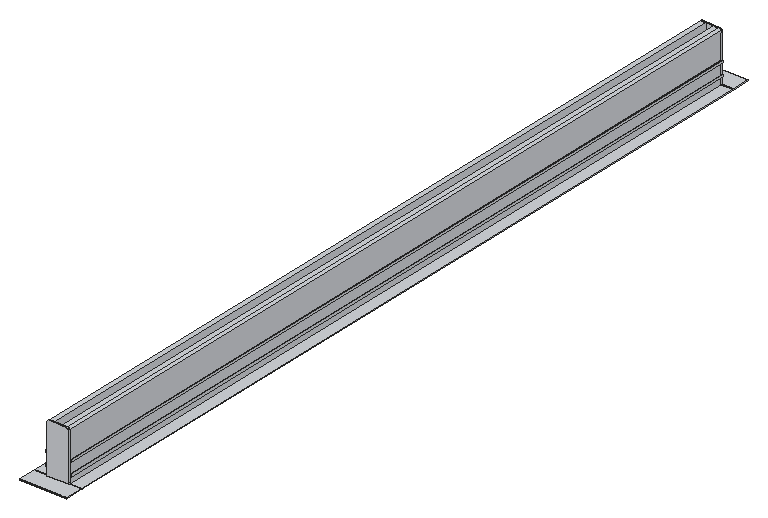
Revit family
Parameters
  URL = "http://www.anemostat.com/"
  Model = "SLAD-FS-75"
  Manufacturer = "Anemostat"
  Length  User Defined = 48"
  Duct Width = 1 9/16"
  Duct Length = Length  User Defined + 1/4"  # 48 1/4"
  C = 2 3/4"
Reference planes (in)
  plane 1 "Center (Front/Back)": y = 0
  plane 2: z = 0
  plane 3 "Center (Left/Right)": x = 0
  plane 4: x = -1.375
  plane 5: x = 1.375
  plane 6: y = -24
  plane 7 "Length": y = -48
  plane 8 "Face": z = -0.05
  plane 9: z = 2.95
  plane 10: x = -0.25
  plane 11: x = 0.25
Forms (in)
  Extrusion 1, solid
    sketch origin (0, 0, 0) x (1, 0, 0) y (0, 0, 1)
      loop
        line (0.53828, 2.95) -> (-0.53828, 2.95) -> (-0.65, 2.83828) -> (-0.65, 1.27628) -> (-0.77, 1.27628) -> (-0.77, 1.16428) -> (-0.72, 1.16428) -> (-0.72, 1.22628) -> (-0.65, 1.22628) -> (-0.65, 0.47128) -> (-0.72, 0.47128) -> (-0.72, 0.53328) -> (-0.77, 0.53328) -> (-0.77, 0.42128) -> (-0.65, 0.42128) -> (-0.65, 0) -> (-1.375, 0) -> (-1.375, -0.05) -> (-0.12528, -0.05) -> (0.37528, -0.05) -> (1.375, -0.05) -> (1.375, 0) -> (0.65, 0) -> (0.65, 0.42128) -> (0.77, 0.42128) -> (0.77, 0.53328) -> (0.72, 0.53328) -> (0.72, 0.47128) -> (0.65, 0.47128) -> (0.65, 1.22628) -> (0.72, 1.22628) -> (0.72, 1.16428) -> (0.77, 1.16428) -> (0.77, 1.27628) -> (0.65, 1.27628) -> (0.65, 2.83828) -> (0.53828, 2.95)
    from 0 to 48 <- "Length  User Defined"
  Extrusion 2, solid
    sketch origin (0, 0, 0) x (1, 0, 0) y (0, 0, 1)
      loop
        line (-0.65, 0) -> (0.65, 0) -> (0.65, 2.83828) -> (0.53828, 2.95) -> (-0.53828, 2.95) -> (-0.65, 2.83828) -> (-0.65, 0)
    from 0 to -0.0625
  Extrusion 3, solid
    sketch origin (0, -48, 0) x (0, 0, 1) y (-1, 0, 0)
      loop
        line (0.05, -0.65) -> (2.83828, -0.65) -> (2.95, -0.53828) -> (2.95, 0.53828) -> (2.83828, 0.65) -> (0, 0.65) -> (0, -0.65) -> (0.05, -0.65)
    from 0 to 0.0625
  Extrusion 4, solid
    sketch origin (0, 0, 0) x (1, 0, 0) y (0, 0, 1)
      loop
        line (-1.375, 0) -> (-1.375, -0.05) -> (1.375, -0.05) -> (1.375, 0) -> (-1.375, 0)
    from 0 to -1.10156
  Extrusion 5, solid
    sketch origin (0, -48, 0) x (0, 0, 1) y (-1, 0, 0)
      loop
        line (0, -1.375) -> (0, 1.375) -> (-0.05, 1.375) -> (-0.05, -1.375) -> (0, -1.375)
    from 0 to 1.10156
  Extrusion 6, void
    sketch origin (0, 0, -0.05) x (-1, 0, 0) y (0, -1, 0)
      loop
        line (0.25, 0) -> (0.25, 48) -> (-0.25, 48) -> (-0.25, 0) -> (0.25, 0)
    from 0 to 3
Cuts and joins
  Extrusion 6 cuts Extrusion 1
  Extrusion 6 cuts Extrusion 2
  Extrusion 6 cuts Extrusion 3
  Extrusion 6 cuts Extrusion 4
  Extrusion 6 cuts Extrusion 5
Dimensions and locks (in)
  equal spacing: plane 5, plane 3 "Center (Left/Right)", plane 4
  "C": plane 5 to plane 4
  equal spacing: plane 1 "Center (Front/Back)", plane 6, plane 7 "Length"
  "Length  User Defined": plane 1 "Center (Front/Back)" to plane 7 "Length"
Automatic sketch dimensions
  Extrusion 4 sketch curve to plane 4 = 0"
  Extrusion 4 sketch curve to plane 5 = 0"
  Extrusion 4 sketch curve to plane 8 "Face" = 0"
  Extrusion 4 sketch curve to level = 0"
  Extrusion 5 sketch curve to plane 5 = 0"
  Extrusion 5 sketch curve to plane 8 "Face" = 0"
  Extrusion 5 sketch curve to level = 0"
  Extrusion 5 sketch curve to plane 4 = 0"
  Extrusion 3 sketch curve to level = 0"
  Extrusion 3 sketch curve to plane 9 = 0"
  level to Extrusion 3 sketch curve = 0.05"
  Extrusion 3 sketch curve to plane 9 = 0.11172"  (x2)
  Extrusion 3 sketch curve to plane 5 = 0.725"
  Extrusion 3 sketch curve to Extrusion 3 sketch curve = 0.11172"
  plane 4 to Extrusion 3 sketch curve = 0.83672"
  plane 4 to Extrusion 3 sketch curve = 0.725"
  Extrusion 2 sketch curve to level = 0"
  Extrusion 2 sketch curve to plane 9 = 0"
  plane 4 to Extrusion 2 sketch curve = 0.725"
  Extrusion 2 sketch curve to Extrusion 2 sketch curve = 0.11172"
  Extrusion 2 sketch curve to plane 5 = 0.83672"
  Extrusion 2 sketch curve to plane 5 = 0.725"
  Extrusion 2 sketch curve to plane 9 = 0.11172"  (x2)
  Extrusion 1 sketch curve to level = 0"  (x2)
  Extrusion 1 sketch curve to plane 4 = 0"
  Extrusion 1 sketch curve to plane 9 = 0"
  Extrusion 1 sketch curve to plane 8 "Face" = 0"
  Extrusion 1 sketch curve to plane 5 = 0"
  plane 4 to Extrusion 1 sketch curve = 0.605"  (x2)
  Extrusion 1 sketch curve to Extrusion 1 sketch curve = 0.05"  (x8)
  Extrusion 1 sketch curve to Extrusion 1 sketch curve = 0.07"  (x3)
  Extrusion 1 sketch curve to Extrusion 1 sketch curve = 0.12"
  Extrusion 1 sketch curve to plane 9 = 0.11172"  (x2)
  plane 4 to Extrusion 1 sketch curve = 0.725"
  Extrusion 1 sketch curve to Extrusion 1 sketch curve = 0.11172"  (x2)
  Extrusion 1 sketch curve to Extrusion 1 sketch curve = 0.27472"
  Extrusion 1 sketch curve to Extrusion 1 sketch curve = 0"
  Extrusion 1 sketch curve to Extrusion 1 sketch curve = 0.42128"  (x2)
  Extrusion 1 sketch curve to Extrusion 1 sketch curve = 0.062"  (x4)
  Extrusion 1 sketch curve to Extrusion 1 sketch curve = 0.631"  (x2)
  Extrusion 1 sketch curve to plane 5 = 0.99972"
  Extrusion 1 sketch curve to plane 5 = 0.83672"
  Extrusion 1 sketch curve to Extrusion 1 sketch curve = 0.52472"
  plane 1 "Center (Front/Back)" to Extrusion 6 sketch curve = 0"
  Extrusion 6 sketch curve to plane 11 = 0"
  plane 7 "Length" to Extrusion 6 sketch curve = 0"
  Extrusion 6 sketch curve to plane 10 = 0"
Connectors (in)
  hvac at (0, -24, 2.95), driven by "Duct Length", driven by "Duct Width"
    settings: on Extrusion 1, index 1
